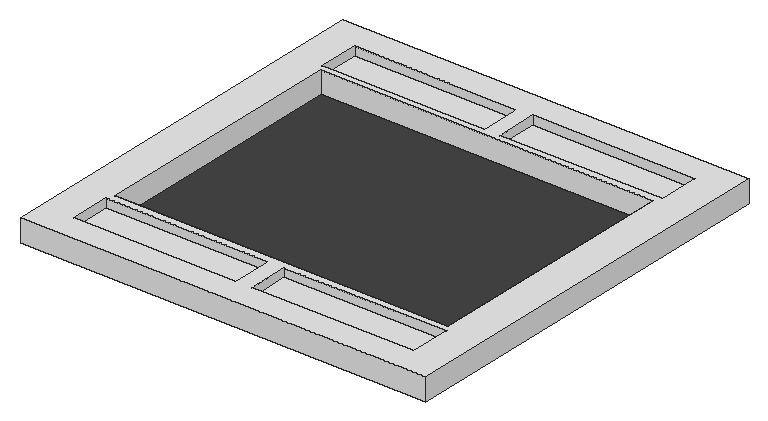
Revit family "Data_Device-Work_Area-Leviton-MOS-Wallplate", category Data Devices, host Face, Revit 2024
Family settings
  Host = Face
  Round Connector Dimension = Use Diameter
  Part Type = Normal
  OmniClass Number = 23.85.50.21
  OmniClass Title = Cable Transmission and Reception Equipment
  Cut with Voids When Loaded = No
  Maintain Annotation Orientation = Yes
  Shared = Yes
  Room Calculation Point = No
Parameters (values of type "Dual Gang")
  z Width = if(z Leviton Type = 1, 1.86000", 3.75000")  # 3.75000"
  z White [instance] = Leviton Color = z Set Color White  # yes
  z Void Offset Single Gang [instance] = if(and(z Is Single Gang, Has ID Windows), 2.25000", 9.00000")  # 9.00000"
  z Void Offset Dual Gang 2 [instance] = if(z Leviton Type = 11, 0.15000", 0.25000")  # 0.25000"
  z Void Offset Dual Gang 1 [instance] = if(and(z Is Dual Gang, Has ID Windows), 2.25000", 6.00000")  # 2.25000"
  z Set Color White [instance] = Color Selection : White
  z Set Color Light Almond [instance] = Color Selection : Light Almond
  z Set Color Ivory [instance] = Color Selection : Ivory
  z Set Color Grey [instance] = Color Selection : Grey
  z Set Color Black [instance] = Color Selection : Black
  z Light Almond [instance] = Leviton Color = z Set Color Light Almond  # no
  z Leviton Wallplate Color [instance] = if(and(z White, not(z Light Almond), not(z Ivory), not(z Grey), not(z Black)), 1, if(and(not(z White), z Light Almond, not(z Ivory), not(z Grey), not(z Black)), 2, if(and(not(z White), not(z Light Almond), z Ivory, not(z Grey), not(z Black)), 3, if(and(not(z White), not(z Light Almond), not(z Ivory), z Grey, not(z Black)), 4, if(and(not(z White), not(z Light Almond), not(z Ivory), not(z Grey), z Black), 5, 0)))))  # 1
  z Leviton Type = 2
  z Ivory [instance] = Leviton Color = z Set Color Ivory  # no
  z Is Single Gang = not(z Is Dual Gang)  # no
  z Is Dual Gang = yes
  z Height = 2.90000"  # constant formula
  z Grey [instance] = Leviton Color = z Set Color Grey  # no
  z Distance = if(z Collapse, 0.00000", 6.00000")  # 0.00000"
  z Depth = 0.25000"  # constant formula
  z Collapse = yes
  z Black [instance] = Leviton Color = z Set Color Black  # no
  Width [instance] = if(z Leviton Type = 1, 2.75000", 4.56300")  # 4.56300"
  URL = "http://www.leviton.com/networksolutions"
  Type Comments = ""
  Technical Support Phone Number = "1-800-824-3005"  # constant formula
  Serial Number [instance] = ""
  Quantity per Package = 0
  Provide Feedback = "http://www.leviton.com/BIMfeedback"
  Product Documentation Link = "http://www.leviton.com/OA_HTML/SectionDisplay.jsp?section=39376&minisite=10251"
  Port Count [instance] = 0
  Part Number [instance] = if(and(z Leviton Wallplate Color = 1, z Leviton Type = 1), "41290-SMW", if(and(z Leviton Wallplate Color = 2, z Leviton Type = 1), "41290-SMT", if(and(z Leviton Wallplate Color = 3, z Leviton Type = 1), "41290-SMI", if(and(z Leviton Wallplate Color = 4, z Leviton Type = 1), "41290-SMG", if(and(z Leviton Wallplate Color = 5, z Leviton Type = 1), "41290-SME", if(and(z Leviton Wallplate Color = 1, z Leviton Type = 2), "41290-DMW", if(and(z Leviton Wallplate Color = 2, z Leviton Type = 2), "41290-DMT", if(and(z Leviton Wallplate Color = 3, z Leviton Type = 2), "41290-DMI", if(and(z Leviton Wallplate Color = 4, z Leviton Type = 2), "41290-DMG", if(and(z Leviton Wallplate Color = 5, z Leviton Type = 2), "41290-DME", "ERROR"))))))))))  # "41290-DMW"
  Part Description = Description  # "MOS Wallplate, Dual Gang"
  Original Creation Date = "March 15, 2013"  # constant formula
  Model Disclaimer = "http://www.leviton.com/BIMterms"
  Model = " "
  Minimum Order Quantity = 0
  Manufacturer = "Leviton"  # constant formula
  Leviton Color [instance] = Color Selection : White
  Height [instance] = 4.53000"  # constant formula
  Has ID Windows [instance] = or(z Leviton Type = 1, z Leviton Type = 2)  # yes
  Family Version = "1.0.3"  # constant formula
  Equipment Type = ""
  Equipment Abbreviation = "MOS"  # constant formula
  Description = "MOS Wallplate, Dual Gang"
  Default Elevation = 18.00000"
  Date Last Modified = "March 3, 2014"  # constant formula
  Copyright = "Copyright © 2013 Leviton Manufacturing Co., Inc."  # constant formula
  Check for Latest Version = "http://www.leviton.com/OA_HTML/SectionDisplay.jsp?section=42915&minisite=10251"
  Channel Count [instance] = 0
  Assembly Code = "D5030600"
  Annotation Symbol is Visible = yes
  Annotation Symbol [instance] = Symbol : Data
Types (2): name | z Width | z Void Offset Single Gang | z Void Offset Dual Gang 1 | z Leviton Type | z Is Single Gang | z Is Dual Gang | Width | Part Number | Part Description | Description
  Single Gang | 1.86000" | 2.25000" | 6.00000" | 1 | yes | no | 2.75000" | "41290-SMW" | "MOS Wallplate, Single Gang" | "MOS Wallplate, Single Gang"
  Dual Gang | 3.75000" | 9.00000" | 2.25000" | 2 | no | yes | 4.56300" | "41290-DMW" | "MOS Wallplate, Dual Gang" | "MOS Wallplate, Dual Gang"
Reference planes (in)
  plane 1 "Center (Front/Back)": y = 0.3225
  plane 2 "Mounting Surface": z = 0
  plane 3 "Center (Left/Right)": x = -0.9065
  plane 4 "Front": z = 0.25
  plane 5: y = -1.9425
  plane 6 "Left": x = -3.188
  plane 7 "Right": x = 1.375
  plane 8: y = 2.5875
  plane 9: y = -1.9425
  plane 10: y = -1.9425
  plane 11: y = -1.9425
  plane 12: y = -1.9425
  plane 13: y = 2.5875
  plane 14: y = 2.5875
  plane 15: y = 2.5875
  plane 16 "Top": y = 2.5875
  plane 17 "Bottom": y = -1.9425
  plane 18: x = -2.7815
  plane 19: x = 0.9685
  plane 20 "Single Gang": z = 7
  plane 21 "2": z = 0
  plane 22: y = 1.7725
  plane 23 "Recess": z = 0.1
  plane 24 "Void Collector": z = -2
  plane 25 "Angled Feature Left Side": x = -1.564
  plane 26: x = -0.249
  plane 27: y = -1.1275
  plane 28: x = -2.821
  plane 29: x = 1.008
  plane 30: x = -0.991
  plane 31: x = -0.822
  plane 32 "Dual Gang": z = 0.25
Forms (in)
  Extrusion 1, solid, not visible, detail levels fine
    sketch origin (0, 0, 0) x (1, 0, 0) y (0, 1, 0)
      loop
        line (-5.103, 3.3225) -> (-5.103, -2.6775) -> (3.29, -2.6775) -> (3.29, 3.3225) -> (-5.103, 3.3225)
    from 0 to -2
  Extrusion 2, solid, material "Plastic - Leviton - White", visible <- "z White"
    sketch origin (0, 33, 0) x (1, 0, 0) y (0, 1, 0)
      loop
        line (-3.188, -30.4125) -> (-3.188, -34.9425) -> (1.375, -34.9425) -> (1.375, -30.4125) -> (-3.188, -30.4125)
    from 0 to 0.25
  Extrusion 3, solid, material "Plastic - Leviton - Light Almond", visible <- "z Light Almond"
    sketch origin (0, 25.5, 0) x (1, 0, 0) y (0, 1, 0)
      loop
        line (-3.188, -22.9125) -> (-3.188, -27.4425) -> (1.375, -27.4425) -> (1.375, -22.9125) -> (-3.188, -22.9125)
    from 0 to 0.25
  Extrusion 4, solid, material "Plastic - Leviton - Ivory", visible <- "z Ivory"
    sketch origin (0, 18.75, 0) x (1, 0, 0) y (0, 1, 0)
      loop
        line (-3.188, -16.1625) -> (-3.188, -20.6925) -> (1.375, -20.6925) -> (1.375, -16.1625) -> (-3.188, -16.1625)
    from 0 to 0.25
  Extrusion 5, solid, material "Plastic - Leviton - Grey", visible <- "z Grey"
    sketch origin (0, 11.75, 0) x (1, 0, 0) y (0, 1, 0)
      loop
        line (-3.188, -9.1625) -> (-3.188, -13.6925) -> (1.375, -13.6925) -> (1.375, -9.1625) -> (-3.188, -9.1625)
    from 0 to 0.25
  Extrusion 6, solid, material "Plastic - Leviton - Black", visible <- "z Black"
    sketch origin (0, 3, 0) x (1, 0, 0) y (0, 1, 0)
      loop
        line (-3.188, -0.4125) -> (-3.188, -4.9425) -> (1.375, -4.9425) -> (1.375, -0.4125) -> (-3.188, -0.4125)
    from 0 to 0.25
  Extrusion 7, void
    sketch origin (0, 0, 0) x (-1, 0, 0) y (0, -1, 0)
      loop
        line (2.7815, -1.7725) -> (2.7815, 1.1275) -> (-0.9685, 1.1275) -> (-0.9685, -1.7725) -> (2.7815, -1.7725)
    from 0 to 0.25
  Extrusion 8, void
    sketch origin (1.10031, -0.12477, 0.25) x (-1, 0, 0) y (0, -1, 0)
      loop
        line (2.92181, -2.42227) -> (2.92181, -1.96227) -> (1.09181, -1.96227) -> (1.09181, -2.42227) -> (2.92181, -2.42227)
      loop
        line (2.92181, 1.52773) -> (1.09181, 1.52773) -> (1.09181, 1.06773) -> (2.92181, 1.06773) -> (2.92181, 1.52773)
    from 6.65 to 6.75
  Extrusion 9, solid, material "Mask - Leviton - Black"
    sketch origin (0, 0, 0) x (1, 0, 0) y (0, 1, 0)
      loop
        line (-3.178, 2.5875) -> (-3.178, -1.9325) -> (1.365, -1.9325) -> (1.365, 2.5875) -> (-3.178, 2.5875)
    from 0 to 0.01
  Extrusion 10, void
    sketch origin (2.10031, -0.12477, 0.25) x (-1, 0, 0) y (0, -1, 0)
      loop
        line (2.92231, -2.42227) -> (2.92231, -1.96227) -> (1.09231, -1.96227) -> (1.09231, -2.42227) -> (2.92231, -2.42227)
      loop
        line (4.92131, -2.42227) -> (4.92131, -1.96227) -> (3.09131, -1.96227) -> (3.09131, -2.42227) -> (4.92131, -2.42227)
      loop
        line (2.92231, 1.06773) -> (2.92231, 1.52773) -> (1.09231, 1.52773) -> (1.09231, 1.06773) -> (2.92231, 1.06773)
      loop
        line (4.92131, 1.06773) -> (4.92131, 1.52773) -> (3.09131, 1.52773) -> (3.09131, 1.06773) -> (4.92131, 1.06773)
    from -0.1 to 0
  Extrusion 11, solid, material "Snap Locations - Leviton - Invisible"
    sketch origin (0, 0, 0) x (1, 0, 0) y (0, 1, 0)
      loop
        line (-2.7815, 1.7725) -> (-2.7815, -1.1275) -> (0.9685, -1.1275) -> (0.9685, 1.7725) -> (-2.7815, 1.7725)
    from 0 to 0.25
Cuts and joins
  Extrusion 7, Extrusion 8, Extrusion 10 cuts Extrusion 6
  Extrusion 7, Extrusion 8, Extrusion 10 cuts Extrusion 5
  Extrusion 7, Extrusion 8, Extrusion 10 cuts Extrusion 4
  Extrusion 7, Extrusion 8, Extrusion 10 cuts Extrusion 3
  Extrusion 7, Extrusion 8, Extrusion 10 cuts Extrusion 2
Lines and regions (in)
  Masking region 1, detail levels coarse+medium
    outline origin (1.375, 0, 0) x (0, -1, 0) y (0, 0, 1)
      loop
        line (-2.5875, 0.25) -> (-2.5875, 0) -> (1.9425, 0) -> (1.9425, 0.25) -> (-2.5875, 0.25)
  Masking region 2, detail levels coarse+medium
    outline origin (-3.188, 0, 0) x (0, -1, 0) y (0, 0, 1)
      loop
        line (1.9425, 0) -> (1.9425, 0.25) -> (-2.5875, 0.25) -> (-2.5875, 0) -> (1.9425, 0)
  Masking region 3
    outline origin (0, 2.5875, 0) x (-1, 0, 0) y (0, 0, 1)
      loop
        line (3.188, 0) -> (3.188, 0.25) -> (-1.375, 0.25) -> (-1.375, 0) -> (3.188, 0)
  Masking region 4
    outline origin (1.375, 0, 0) x (0, -1, 0) y (0, 0, 1)
      loop
        line (1.9425, 0.25) -> (-2.5875, 0.25) -> (-2.5875, 0) -> (1.9425, 0) -> (1.9425, 0.25)
  Masking region 5
    outline origin (0, -1.9425, 0) x (-1, 0, 0) y (0, 0, 1)
      loop
        line (-1.375, 0.25) -> (-1.375, 0) -> (3.188, 0) -> (3.188, 0.25) -> (-1.375, 0.25)
  symbolic lines, style "Wallplates"
    curve 1: line (1.375, -1.9425, 0.25) -> (1.375, 2.5875, 0.25)
    curve 2: line (1.375, -1.9425, 0) -> (1.375, -1.9425, 0.25)
    curve 3: line (1.375, 2.5875, 0) -> (1.375, -1.9425, 0)
    curve 4: line (1.375, 2.5875, 0.25) -> (1.375, 2.5875, 0)
    curve 5: line (-3.188, 2.5875, 0.25) -> (-3.188, -1.9425, 0.25)
    curve 6: line (-3.188, 2.5875, 0) -> (-3.188, 2.5875, 0.25)
    curve 7: line (-3.188, -1.9425, 0) -> (-3.188, 2.5875, 0)
    curve 8: line (-3.188, -1.9425, 0.25) -> (-3.188, -1.9425, 0)
    curve 9: line (-3.188, 2.5875, 0.25) -> (1.375, 2.5875, 0.25)
    curve 10: line (-3.188, 2.5875, 0) -> (-3.188, 2.5875, 0.25)
    curve 11: line (1.375, 2.5875, 0) -> (-3.188, 2.5875, 0)
    curve 12: line (1.375, 2.5875, 0.25) -> (1.375, 2.5875, 0)
    curve 13: line (1.375, -1.9425, 0.25) -> (-3.188, -1.9425, 0.25)
    curve 14: line (1.375, -1.9425, 0) -> (1.375, -1.9425, 0.25)
    curve 15: line (-3.188, -1.9425, 0) -> (1.375, -1.9425, 0)
    curve 16: line (-3.188, -1.9425, 0.25) -> (-3.188, -1.9425, 0)
  reference lines
    curve 17: line (-2.7815, -0.64417, 0.25) -> (0.9685, -0.64417, 0.25)
    curve 19: line (-2.7815, 0.56417, 0.25) -> (0.9685, 0.56417, 0.25)
    curve 21: line (-2.7815, 1.28917, 0.25) -> (0.9685, 1.28917, 0.25)
    curve 22: line (-2.7815, 0.08083, 0.25) -> (0.9685, 0.08083, 0.25)
    curve 23: line (-2.7815, 0.3225, 0.25) -> (0.9685, 0.3225, 0.25)
    curve 24: line (-2.7815, -0.4025, 0.25) -> (0.9685, -0.4025, 0.25)
    curve 25: line (-2.7815, 1.0475, 0.25) -> (0.9685, 1.0475, 0.25)
    curve 26: line (-2.7815, 1.53083, 0.25) -> (0.9685, 1.53083, 0.25)
    curve 27: line (-2.7815, -0.88583, 0.25) -> (0.9685, -0.88583, 0.25)
  reference lines, not visible
    curve 18: line (-2.7815, -0.16083, 0.25) -> (0.9685, -0.16083, 0.25)
    curve 20: line (-2.7815, 0.80583, 0.25) -> (0.9685, 0.80583, 0.25)
  reference lines, visible <- "z Is Dual Gang"
    curve 28: line (-1.844, 1.7725, 0.25) -> (-1.844, -1.1275, 0.25)
    curve 29: line (0.031, -1.1275, 0.25) -> (0.031, 1.7725, 0.25)
  reference lines, visible <- "z Is Single Gang"
    curve 30: line (-0.9065, 1.7725, 0.25) -> (-0.9065, -1.1275, 0.25)
Dimensions and locks (in)
  "z Depth": plane 4 "Front" to plane 2 "Mounting Surface"
  equal spacing: plane 8, plane 1 "Center (Front/Back)", plane 5  (x2)
  "Height": plane 8 to plane 5
  "z Distance": plane 5 to plane 9
  "z Distance": plane 9 to plane 10
  "z Distance": plane 10 to plane 11
  "z Distance": plane 11 to plane 12
  "Height": plane 13 to plane 9
  "Height": plane 14 to plane 10
  "Height": plane 15 to plane 11
  "Height": plane 16 "Top" to plane 12
  "z Distance": plane 17 "Bottom" to plane 5
  "Width": plane 6 "Left" to plane 7 "Right"
  equal spacing: plane 6 "Left", plane 3 "Center (Left/Right)", plane 7 "Right"
  equal spacing: plane 18, plane 3 "Center (Left/Right)", plane 19
  "z Width": plane 18 to plane 19
  locked: plane 4 "Front" to plane 23 "Recess" at 0.15
  locked: level to plane 24 "Void Collector" at 2
  locked: plane 21 "2" to plane 24 "Void Collector" at 2
  "z Void Offset Single Gang": plane 20 "Single Gang" to plane 24 "Void Collector"
  Extrusion 8 sketch curve to Extrusion 8 sketch curve = 0.46000"
  Extrusion 8 sketch curve to Extrusion 8 sketch curve = 1.83000"
  equal spacing: Extrusion 8 sketch curve, plane 3 "Center (Left/Right)", Extrusion 8 sketch curve
  Extrusion 8 sketch curve to plane 1 "Center (Front/Back)" to Extrusion 8 sketch curve = 1.51500", 1.51500"
  Extrusion 8 sketch curve to plane 1 "Center (Front/Back)" to Extrusion 8 sketch curve = 1.97500", 1.97500"
  plane 1 "Center (Front/Back)" to Extrusion 8 sketch curve = 1.97500"
  locked: plane 20 "Single Gang" to Extrusion 8 at 0.1
  Extrusion 9 to level = 0.01000"
  locked: plane 17 "Bottom" to Extrusion 9 at 0.01
  locked: plane 6 "Left" to Extrusion 9 at 0.01
  locked: Extrusion 9 to plane 7 "Right" at 0.01
  locked: Extrusion 9 to level at 0.01
  equal spacing: plane 25 "Angled Feature Left Side", plane 3 "Center (Left/Right)", plane 26
  equal spacing: plane 27, plane 1 "Center (Front/Back)", plane 22
  "z Height": plane 27 to plane 22
  Extrusion 10 sketch curve to Extrusion 10 sketch curve = 0.46000"
  Extrusion 10 sketch curve to Extrusion 10 sketch curve = 1.83000"  (x4)
  equal spacing: plane 30, plane 3 "Center (Left/Right)", plane 31
  equal spacing: plane 28, plane 3 "Center (Left/Right)", plane 29
  plane 30 to plane 31 = 0.16900"
  plane 28 to plane 30 = 1.83000"
  "z Void Offset Dual Gang 1": plane 32 "Dual Gang" to plane 24 "Void Collector"
  locked: plane 32 "Dual Gang" to Extrusion 10 at 0.1
  equal spacing: plane 22, curve 26, curve 21, curve 25, curve 20, curve 19, curve 23, curve 22, curve 18, curve 24, curve 17, curve 27, plane 27
  equal spacing: plane 18, curve 28, plane 3 "Center (Left/Right)"
  equal spacing: plane 3 "Center (Left/Right)", curve 29, plane 19
  aligned and locked: Extrusion 1 to plane 2 "Mounting Surface"
  aligned and locked: Extrusion 1 to level
  aligned and locked: Extrusion 2 to plane 5
  aligned and locked: Extrusion 2 to plane 6 "Left"
  aligned and locked: Extrusion 2 to plane 7 "Right"
  aligned and locked: plane 8 to Extrusion 2
  aligned and locked: Extrusion 2 to level
  aligned and locked: plane 4 "Front" to Extrusion 2
  aligned and locked: Extrusion 3 to plane 9
  aligned and locked: Extrusion 4 to plane 10
  aligned and locked: plane 15 to Extrusion 5
  aligned and locked: Extrusion 5 to plane 11
  aligned and locked: plane 14 to Extrusion 4
  aligned and locked: plane 13 to Extrusion 3
  aligned and locked: Extrusion 6 to plane 12
  aligned and locked: plane 16 "Top" to Extrusion 6
  aligned and locked: Extrusion 3 to plane 6 "Left"
  aligned and locked: Extrusion 4 to plane 6 "Left"
  aligned and locked: Extrusion 5 to plane 6 "Left"
  aligned and locked: Extrusion 6 to plane 6 "Left"
  aligned and locked: Extrusion 3 to plane 7 "Right"
  aligned and locked: Extrusion 4 to plane 7 "Right"
  aligned and locked: Extrusion 5 to plane 7 "Right"
  aligned and locked: Extrusion 6 to plane 7 "Right"
  aligned and locked: plane 18 to Extrusion 7 sketch curve
  aligned and locked: Extrusion 7 sketch curve to plane 19
  aligned and locked: plane 5 to Masking region 1 sketch curve
  aligned and locked: Masking region 1 sketch curve to plane 8
  aligned and locked: Masking region 1 sketch curve to plane 4 "Front"
  aligned and locked: level to Masking region 1 sketch curve
  aligned and locked: Extrusion 8 to Extrusion 8  (x2)
  aligned: Extrusion 8 to plane 20 "Single Gang"
  aligned and locked: plane 20 "Single Gang" to Extrusion 8
  aligned: plane 23 "Recess" to Extrusion 9
  aligned and locked: Extrusion 9 to level
  aligned: Extrusion 9 to plane 17 "Bottom"
  aligned: plane 6 "Left" to Extrusion 9
  aligned: Extrusion 9 to plane 7 "Right"
  aligned and locked: Masking region 2 sketch curve to Masking region 1  (x4)
  aligned and locked: Extrusion 9 to plane 16 "Top"
  aligned and locked: Extrusion 7 to plane 22
  aligned and locked: Extrusion 7 to plane 27
  aligned and locked: plane 4 "Front" to Extrusion 7
  aligned and locked: Extrusion 7 to level
  aligned: Extrusion 10 to Extrusion 10  (x2)
  aligned and locked: Extrusion 10 sketch curve to plane 30
  aligned and locked: plane 31 to Extrusion 10 sketch curve
  aligned and locked: Extrusion 8 to plane 20 "Single Gang"
  aligned and locked: plane 32 "Dual Gang" to Extrusion 10
  aligned and locked: plane 22 to Extrusion 11 sketch curve
  aligned and locked: plane 27 to Extrusion 11 sketch curve
  aligned and locked: Extrusion 11 sketch curve to plane 19
  aligned and locked: plane 18 to Extrusion 11 sketch curve
  aligned and locked: Extrusion 11 to level
  aligned and locked: plane 4 "Front" to Extrusion 11
  aligned and locked: plane 17 "Bottom" to curve 2
  aligned and locked: curve 4 to plane 16 "Top"
  aligned and locked: level to curve 3
  aligned and locked: level to Masking region 4 sketch curve
  aligned and locked: plane 17 "Bottom" to Masking region 4 sketch curve
  aligned and locked: Masking region 4 sketch curve to plane 16 "Top"
  aligned and locked: level to curve 7
  aligned and locked: curve 6 to plane 16 "Top"
  aligned and locked: plane 17 "Bottom" to curve 8
  aligned and locked: level to curve 11
  aligned and locked: plane 7 "Right" to curve 12
  aligned and locked: curve 10 to plane 6 "Left"
  aligned and locked: Masking region 5 sketch curve to level
  aligned and locked: plane 7 "Right" to Masking region 5 sketch curve
  aligned and locked: Masking region 5 sketch curve to plane 6 "Left"
  aligned and locked: curve 15 to level
  aligned and locked: plane 7 "Right" to curve 14
  aligned and locked: curve 16 to plane 6 "Left"
  aligned and locked: curve 1 to plane 4 "Front"
  aligned and locked: plane 4 "Front" to curve 5
  aligned and locked: plane 4 "Front" to curve 13
  aligned and locked: curve 9 to plane 4 "Front"
  aligned and locked: plane 4 "Front" to Masking region 5 sketch curve
  aligned and locked: Masking region 4 sketch curve to plane 4 "Front"
  aligned and locked: plane 18 to curve 17
  aligned and locked: plane 19 to curve 17
  aligned and locked: curve 23 to cut or joined group of Extrusion 6, Extrusion 7, Extrusion 8, Extrusion 10  (x2)
  aligned and locked: plane 18 to curve 24
  aligned and locked: plane 19 to curve 24
  aligned and locked: plane 18 to curve 25
  aligned and locked: plane 19 to curve 25
  aligned and locked: plane 18 to curve 26
  aligned and locked: plane 19 to curve 26
  aligned and locked: plane 18 to curve 27
  aligned and locked: plane 19 to curve 27
  aligned and locked: plane 18 to curve 21
  aligned and locked: plane 18 to curve 20
  aligned and locked: plane 18 to curve 19
  aligned and locked: plane 18 to curve 22
  aligned and locked: plane 18 to curve 18
  aligned and locked: plane 19 to curve 21
  aligned and locked: plane 19 to curve 20
  aligned and locked: plane 19 to curve 19
  aligned and locked: plane 19 to curve 22
  aligned and locked: plane 19 to curve 18
  aligned and locked: plane 22 to curve 28
  aligned and locked: plane 27 to curve 28
  aligned and locked: plane 27 to curve 29
  aligned and locked: plane 22 to curve 29
  aligned and locked: curve 30 to cut or joined group of Extrusion 6, Extrusion 7, Extrusion 8, Extrusion 10  (x2)
Automatic sketch dimensions
  Extrusion 1 sketch curve to Extrusion 1 sketch curve = 8.39300"
  Extrusion 1 sketch curve to Extrusion 1 sketch curve = 6.00000"
  Extrusion 2 sketch curve to plane 5 = 0.00000"
  Extrusion 2 sketch curve to plane 6 "Left" = 0.00000"
  Extrusion 2 sketch curve to plane 7 "Right" = 0.00000"
  Extrusion 2 sketch curve to plane 8 = 0.00000"
  Extrusion 3 sketch curve to plane 5 = 0.00000"
  Extrusion 3 sketch curve to plane 6 "Left" = 0.00000"
  Extrusion 3 sketch curve to plane 7 "Right" = 0.00000"
  Extrusion 3 sketch curve to plane 8 = 0.00000"
  Extrusion 4 sketch curve to plane 5 = 0.00000"
  Extrusion 4 sketch curve to plane 6 "Left" = 0.00000"
  Extrusion 4 sketch curve to plane 7 "Right" = 0.00000"
  Extrusion 4 sketch curve to plane 8 = 0.00000"
  Extrusion 5 sketch curve to plane 5 = 0.00000"
  Extrusion 5 sketch curve to plane 6 "Left" = 0.00000"
  Extrusion 5 sketch curve to plane 7 "Right" = 0.00000"
  Extrusion 5 sketch curve to plane 8 = 0.00000"
  Extrusion 6 sketch curve to plane 5 = 0.00000"
  Extrusion 6 sketch curve to plane 6 "Left" = 0.00000"
  Extrusion 6 sketch curve to plane 7 "Right" = 0.00000"
  Extrusion 6 sketch curve to plane 8 = 0.00000"
  plane 22 to Extrusion 7 sketch curve = 0.00000"
  Extrusion 7 sketch curve to plane 27 = 0.00000"
  plane 26 to Extrusion 8 sketch curve = 0.25750"
  Extrusion 8 sketch curve to plane 25 "Angled Feature Left Side" = 0.25750"
  Extrusion 9 sketch curve to plane 8 = 0.00000"
  Extrusion 9 sketch curve to plane 6 "Left" = 0.01000"
  plane 7 "Right" to Extrusion 9 sketch curve = 0.01000"
  plane 5 to Extrusion 9 sketch curve = 0.01000"
  Masking region 3 sketch curve to level = 0.00000"
  plane 7 "Right" to Masking region 3 sketch curve = 0.00000"
  Masking region 3 sketch curve to plane 4 "Front" = 0.00000"
  plane 6 "Left" to Masking region 3 sketch curve = 0.00000"
  Extrusion 10 sketch curve to plane 29 = 0.00000"
  Extrusion 10 sketch curve to plane 31 = 0.00000"
  Extrusion 10 sketch curve to plane 30 = 0.00000"
  Extrusion 10 sketch curve to plane 28 = 0.00000"
  Extrusion 10 sketch curve to plane 8 = 0.29000"
  Extrusion 10 sketch curve to Extrusion 10 sketch curve = 0.00000"
  Extrusion 10 sketch curve to plane 22 = 0.06500"  (x2)
  Extrusion 10 sketch curve to plane 27 = 0.06500"  (x2)
  plane 5 to Extrusion 10 sketch curve = 0.29000"  (x2)
  curve 23 to plane 19 = 0.00000"
  curve 30 to plane 3 "Center (Left/Right)" = 0.00000"
  curve 23 to plane 18 = 0.00000"
  plane 22 to curve 30 = 0.00000"
  curve 30 to plane 27 = 0.00000"
Nested families (in)
  nested 1: "Symbol" at (-0.9065, 0.35649, 0), type <- "Annotation Symbol", visible <- "Annotation Symbol is Visible", type "Data"
Definition of nested family "Symbol"
  Parameters
    Tel Data = no
    Phone = no
    Data = yes
  Reference planes (in)
    plane 1: y = 0
    plane 2: x = 0
  Lines and regions (in)
    Filled region 1, type "Solid Black", visible <- "Tel Data"
      outline origin (0, 0, 0) x (1, 0, 0) y (0, 1, 0)
        loop
          line (0, 0) -> (0.0654, 0.11328) -> (0, 0.11328) -> (0, 0)
    Filled region 2, type "Solid Black", visible <- "Phone"
      outline origin (0, 0, 0) x (1, 0, 0) y (0, 1, 0)
        loop
          line (0, 0) -> (0.0654, 0.11328) -> (-0.0654, 0.11328) -> (0, 0)
    Filled region 3, type "White", visible <- "Data"
      outline origin (0, 0, 0) x (1, 0, 0) y (0, 1, 0)
        loop
          line (0, 0) -> (0.0654, 0.11328) -> (-0.0654, 0.11328) -> (0, 0)
    Filled region 4, type "White", visible <- "Tel Data"
      outline origin (0, 0, 0) x (1, 0, 0) y (0, 1, 0)
        loop
          line (0, 0.11328) -> (-0.0654, 0.11328) -> (0, 0) -> (0, 0.11328)
